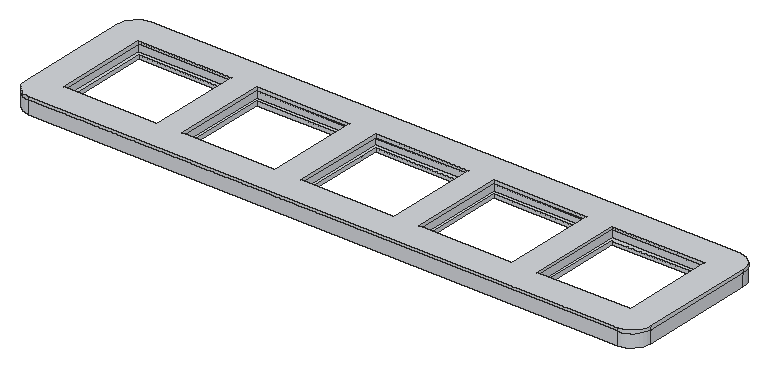
Revit family "Gira_0215422", category Electrical Fixtures, host Face, Revit 2017
Family settings
  Host = Face
  Maintain Annotation Orientation = No
  Round Connector Dimension = Use Diameter
  Part Type = Normal
  Cut with Voids When Loaded = No
  Shared = No
  Room Calculation Point = No
Parameters (values of type "Abdeckrahmen 5f Gira E3 Grau/Anthrazit")
  Werkstoffgüte = "sonstige"
  Werkstoff = "sonstige"
  URL = "http://katalog.gira.de/de_DE/datenblatt.html?artikelnr=0215422"
  Transparent = "No"
  Textfeld/Beschriftungsfläche = "No"
  Schutzart (IP) = "IP20"
  Region = "DE"
  Oberfläche = "sonstige"
  Name = "Abdeckrahmen 5f Gira E3 Grau/Anthrazit"
  Montagerichtung = "horizontal und vertikal"
  Mit Montagerahmen = "No"
  Mit Klappdeckel = "No"
  Manufacturer URL = "https://www.gira.de/"
  Keynote = "E3_Rahmen_5fach"
  HeinzeBIM = "https://bimportal.heinze.de/bim/abdeckrahmen-5f-gira-e3-grau-anthrazit/8cfdc4afe8f019873716048bb38bec6cf437b208"
  Halogenfrei = "No"
  HAN = "0215422"
  Geeignet für Unterputz-Installation = "Yes"
  Geeignet für Unterflurkanaldose = "No"
  Geeignet für Geräteeinbaukanal = "No"
  Geeignet für Einbauinstallation = "No"
  GTIN = "4010337023999"
  Farbe = "grau"
  Default Elevation = 1219.2 mm
  Data sheet (1) = "https://katalog.gira.de/de_DE/download.html?artikelnr=0215422"
  Category = "Abdeckrahmen"
  Befestigungsart = "Klemmbefestigung"
  Available = "Yes"
  Anzahl der Einheiten vertikal = "5 "
  Anzahl der Einheiten horizontal = "5 "
  Anzahl der Einheiten = "5 "
Reference planes
  plane 1 "Center (Front/Back)": y = 0
  plane 2: z = 0
  plane 3 "Center (Left/Right)": x = 0
Forms (mm)
  Extrusion 1, solid, detail levels fine
    sketch origin (0, 0, 0) x (1, 0, 0) y (0, 1, 0)
      loop
        arc (-177.4, 45.809) -> (-185.185, 42.585) -> (-188.409, 34.8) r 11.009
        line (-188.409, 34.8) -> (-188.409, -34.8)
        arc (-188.409, -34.8) -> (-185.185, -42.585) -> (-177.4, -45.809) r 11.009
        line (-177.4, -45.809) -> (177.4, -45.809)
        arc (177.4, -45.809) -> (185.185, -42.585) -> (188.409, -34.8) r 11.009
        line (188.409, -34.8) -> (188.409, 34.8)
        arc (188.409, 34.8) -> (185.185, 42.585) -> (177.4, 45.809) r 11.009
        line (177.4, 45.809) -> (-177.4, 45.809)
      loop
        line (-114.5, 28.187) -> (-170.756, 28.187) -> (-170.756, -28.187) -> (-114.5, -28.187) -> (-114.5, 28.187)
      loop
        line (-99.6, 28.187) -> (-99.6, -28.187) -> (-43.344, -28.187) -> (-43.344, 28.187) -> (-99.6, 28.187)
      loop
        line (114.5, 28.187) -> (114.5, -28.187) -> (170.756, -28.187) -> (170.756, 28.187) -> (114.5, 28.187)
      loop
        line (28.301, 28.187) -> (-27.955, 28.187) -> (-27.955, -28.187) -> (28.301, -28.187) -> (28.301, 28.187)
      loop
        line (43.143, 28.187) -> (43.143, -28.187) -> (99.399, -28.187) -> (99.399, 28.187) -> (43.143, 28.187)
    from 7.65 to 9.5
  Extrusion 2, solid, detail levels fine
    sketch origin (-142.8, 0, 0) x (1, 0, 0) y (0, 1, 0)
      loop
        line (26.1, 25.7) -> (-25.7, 25.7) -> (-25.7, -25.7) -> (26.1, -25.7) -> (26.1, 25.7)
      loop
        line (-28.187, -28.156) -> (28.187, -28.156) -> (28.187, 28.156) -> (-28.187, 28.156) -> (-28.187, -28.156)
    from 1.65 to 3.9
  Extrusion 3, solid, detail levels fine
    sketch origin (0, 0, 0) x (1, 0, 0) y (0, 1, 0)
      loop
        arc (-177.4, 45.809) -> (-185.185, 42.585) -> (-188.409, 34.8) r 11.009
        line (-188.409, 34.8) -> (-188.409, -34.8)
        arc (-188.409, -34.8) -> (-185.185, -42.585) -> (-177.4, -45.809) r 11.009
        line (-177.4, -45.809) -> (177.4, -45.809)
        arc (177.4, -45.809) -> (185.185, -42.585) -> (188.409, -34.8) r 11.009
        line (188.409, -34.8) -> (188.409, 34.8)
        arc (188.409, 34.8) -> (185.185, 42.585) -> (177.4, 45.809) r 11.009
        line (177.4, 45.809) -> (-177.4, 45.809)
      loop
        line (-186.443, 34.785) -> (-186.443, -34.785)
        arc (-186.443, -34.785) -> (-183.79, -41.19) -> (-177.385, -43.843) r 9.058
        line (-177.385, -43.843) -> (177.385, -43.843)
        arc (177.385, -43.843) -> (183.79, -41.19) -> (186.443, -34.785) r 9.058
        line (186.443, -34.785) -> (186.443, 34.785)
        arc (186.443, 34.785) -> (183.79, 41.19) -> (177.385, 43.843) r 9.058
        line (177.385, 43.843) -> (-177.385, 43.843)
        arc (-177.385, 43.843) -> (-183.79, 41.19) -> (-186.443, 34.785) r 9.058
    from 0 to 7.65
  Extrusion 4, solid, detail levels fine
    sketch origin (-35.75, 0, 0) x (1, 0, 0) y (0, 1, 0)
      loop
        line (-134.256, -31.075) -> (205.755, -31.075)
        arc (205.755, -31.075) -> (208.399, -29.98) -> (209.494, -27.337) r 3.739
        line (209.494, -27.337) -> (209.494, 27.337)
        arc (209.494, 27.337) -> (208.399, 29.98) -> (205.755, 31.075) r 3.739
        line (205.755, 31.075) -> (-134.256, 31.075)
        arc (-134.256, 31.075) -> (-136.899, 29.98) -> (-137.994, 27.337) r 3.739
        line (-137.994, 27.337) -> (-137.994, -27.337)
        arc (-137.994, -27.337) -> (-136.899, -29.98) -> (-134.256, -31.075) r 3.739
      loop
        line (-136.844, 27.537) -> (-136.844, -27.537)
        arc (-136.844, -27.537) -> (-136.145, -29.226) -> (-134.456, -29.925) r 2.389
        line (-134.456, -29.925) -> (205.955, -29.925)
        arc (205.955, -29.925) -> (207.644, -29.226) -> (208.344, -27.537) r 2.389
        line (208.344, -27.537) -> (208.344, 27.537)
        arc (208.344, 27.537) -> (207.644, 29.226) -> (205.955, 29.925) r 2.389
        line (205.955, 29.925) -> (-134.456, 29.925)
        arc (-134.456, 29.925) -> (-136.145, 29.226) -> (-136.844, 27.537) r 2.389
    from 1.65 to 7.65
  Extrusion 5, solid, detail levels fine
    sketch origin (0, 0, 0) x (1, 0, 0) y (0, 1, 0)
      loop
        line (-174.653, -39.8) -> (174.653, -39.8)
        arc (174.653, -39.8) -> (180.267, -36.708) -> (182.5, -30.7) r 9.2
        line (182.5, -30.7) -> (182.5, 30.7)
        arc (182.5, 30.7) -> (179.805, 37.205) -> (173.3, 39.9) r 9.2
        line (173.3, 39.9) -> (-173.3, 39.9)
        arc (-173.3, 39.9) -> (-179.805, 37.205) -> (-182.5, 30.7) r 9.2
        line (-182.5, 30.7) -> (-182.5, -30.7)
        arc (-182.5, -30.7) -> (-180.267, -36.708) -> (-174.653, -39.8) r 9.2
      loop
        line (-173.3, -31.7) -> (173.3, -31.7)
        arc (173.3, -31.7) -> (174.007, -31.407) -> (174.3, -30.7) r 1
        line (174.3, -30.7) -> (174.3, 30.7)
        arc (174.3, 30.7) -> (174.007, 31.407) -> (173.3, 31.7) r 1
        line (173.3, 31.7) -> (-173.3, 31.7)
        arc (-173.3, 31.7) -> (-174.007, 31.407) -> (-174.3, 30.7) r 1
        line (-174.3, 30.7) -> (-174.3, -30.7)
        arc (-174.3, -30.7) -> (-174.007, -31.407) -> (-173.3, -31.7) r 1
    from 1.65 to 3.9
  Extrusion 6, solid, detail levels fine
    sketch origin (-142.8, 0, 0) x (1, 0, 0) y (0, 1, 0)
      loop
        line (-28.187, 28.156) -> (-28.187, -28.156) -> (28.187, -28.156) -> (28.187, 28.156) -> (-28.187, 28.156)
      loop
        line (-29.925, 29.925) -> (-29.925, -29.925) -> (29.925, -29.925) -> (29.925, 29.925) -> (-29.925, 29.925)
    from 1.65 to 7.65
  Extrusion 7, solid, detail levels coarse+medium
    sketch origin (0, 0, 0) x (1, 0, 0) y (0, 1, 0)
      loop
        line (-188.409, 45.809) -> (-188.409, -45.809) -> (188.409, -45.809) -> (188.409, 45.809) -> (-188.409, 45.809)
    from 0 to 9.5
  Extrusion 8, solid, detail levels fine
    sketch origin (-71.3, 0, 0) x (-1, 0, 0) y (0, -1, 0)
      loop
        line (25.9, -25.7) -> (25.9, 25.7) -> (-25.9, 25.7) -> (-25.9, -25.7) -> (25.9, -25.7)
      loop
        line (-28.187, 28.156) -> (-28.187, -28.156) -> (28.187, -28.156) -> (28.187, 28.156) -> (-28.187, 28.156)
    from 1.65 to 3.9
  Extrusion 9, solid, detail levels fine
    sketch origin (-71.3, 0, 0) x (-1, 0, 0) y (0, -1, 0)
      loop
        line (-28.187, -28.156) -> (28.187, -28.156) -> (28.187, 28.156) -> (-28.187, 28.156) -> (-28.187, -28.156)
      loop
        line (-29.925, -29.925) -> (29.925, -29.925) -> (29.925, 29.925) -> (-29.925, 29.925) -> (-29.925, -29.925)
    from 1.65 to 7.65
  Extrusion 10, solid, detail levels fine
    sketch origin (0.2, 0, 0) x (-1, 0, 0) y (0, -1, 0)
      loop
        line (26.1, -25.7) -> (26.1, 25.7) -> (-25.7, 25.7) -> (-25.7, -25.7) -> (26.1, -25.7)
      loop
        line (-28.187, 28.156) -> (-28.187, -28.156) -> (28.187, -28.156) -> (28.187, 28.156) -> (-28.187, 28.156)
    from 1.65 to 3.9
  Extrusion 11, solid, detail levels fine
    sketch origin (0.2, 0, 0) x (-1, 0, 0) y (0, -1, 0)
      loop
        line (-28.187, -28.156) -> (28.187, -28.156) -> (28.187, 28.156) -> (-28.187, 28.156) -> (-28.187, -28.156)
      loop
        line (-29.925, -29.925) -> (29.925, -29.925) -> (29.925, 29.925) -> (-29.925, 29.925) -> (-29.925, -29.925)
    from 1.65 to 7.65
  Extrusion 12, solid, detail levels fine
    sketch origin (71.5, 0, 0) x (-1, 0, 0) y (0, -1, 0)
      loop
        line (26.1, -25.7) -> (26.1, 25.7) -> (-25.7, 25.7) -> (-25.7, -25.7) -> (26.1, -25.7)
      loop
        line (-28.187, 28.156) -> (-28.187, -28.156) -> (28.187, -28.156) -> (28.187, 28.156) -> (-28.187, 28.156)
    from 1.65 to 3.9
  Extrusion 13, solid, detail levels fine
    sketch origin (71.5, 0, 0) x (-1, 0, 0) y (0, -1, 0)
      loop
        line (-28.187, -28.156) -> (28.187, -28.156) -> (28.187, 28.156) -> (-28.187, 28.156) -> (-28.187, -28.156)
      loop
        line (-29.925, -29.925) -> (29.925, -29.925) -> (29.925, 29.925) -> (-29.925, 29.925) -> (-29.925, -29.925)
    from 1.65 to 7.65
  Extrusion 14, solid, detail levels fine
    sketch origin (142.8, 0, 0) x (-1, 0, 0) y (0, -1, 0)
      loop
        line (26.1, -25.7) -> (26.1, 25.7) -> (-25.7, 25.7) -> (-25.7, -25.7) -> (26.1, -25.7)
      loop
        line (-28.187, 28.156) -> (-28.187, -28.156) -> (28.187, -28.156) -> (28.187, 28.156) -> (-28.187, 28.156)
    from 1.65 to 3.9
  Extrusion 15, solid, detail levels fine
    sketch origin (142.8, 0, 0) x (-1, 0, 0) y (0, -1, 0)
      loop
        line (-28.187, -28.156) -> (28.187, -28.156) -> (28.187, 28.156) -> (-28.187, 28.156) -> (-28.187, -28.156)
      loop
        line (-29.925, -29.925) -> (29.925, -29.925) -> (29.925, 29.925) -> (-29.925, 29.925) -> (-29.925, -29.925)
    from 1.65 to 7.65
Dimensions and locks
  aligned and locked: plane 2 to host face
  aligned and locked: level to host face
